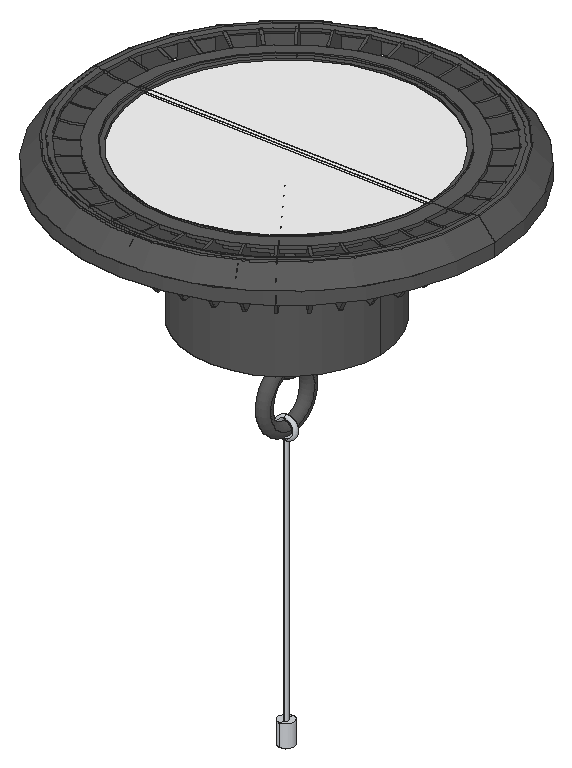
Revit family "0039345 Feilo Sylvania Lighting Fixture START HIGHBAY 4K 19KLM MEDIUM pendant", category Lighting Fixtures, host Face, Revit 2017
Family settings
  Host = Face
  Round Connector Dimension = Use Diameter
  Part Type = Normal
  OmniClass Number = 23.80.70.00
  OmniClass Title = Lighting
  Cut with Voids When Loaded = No
  Light Source = Yes
  Shared = No
  Room Calculation Point = No
Parameters (values of type "0039345 START HIGHBAY 4K 19KLM MEDIUM ")
  WidthStraight_FEILO = if(SizeS_FEILO, 3 mm, if(SizeM_FEILO, 4 mm, 4.7 mm))  # 3 mm
  WidthRingChamfer_FEILO = if(SizeS_FEILO, 10.3 mm, if(SizeM_FEILO, 11.2 mm, 12.9 mm))  # 10.3 mm
  WidthCurved_FEILO = if(SizeS_FEILO, 17.4 mm, if(SizeM_FEILO, 16.4 mm, 26.2 mm))  # 17.4 mm
  WidthCurvedRing_FEILO = if(SizeS_FEILO, 3 mm, if(SizeM_FEILO, 4 mm, 4.7 mm))  # 3 mm
  WidthBracket_FEILO = 40 mm
  Weight = "3.4 kg"
  Wattage Comments = ""
  Wattage = 150 W
  WarrantyStartDate [instance] = "n/a"
  WarrantyGuarantorParts = "n/a"
  WarrantyDurationUnit = "n/a"
  WarrantyDurationParts = "n/a"
  WarrantyDescription = "n/a"
  built-in parameter 1150110 = 1 (stored number, unit not read)
  Voltage = 230 V
  VisibilityBracket_FEILO = no
  URL = "http://www.sylvania-lighting.com"
  TypeName = "START HIGHBAY 4K 19KLM MEDIUM"
  Type Image = <None>
  Type Comments = "n/a"
  built-in parameter 1114217 = 1 (stored number, unit not read)
  Tilt Angle = -90.00°
  ThicknessWall_FEILO = 1.5 mm
  ThicknessBracket_FEILO = 1.5 mm
  ThicknessBracketHalf_FEILO = ThicknessBracket_FEILO / 2  # 0.75 mm
  built-in parameter 1150109 = 1 (stored number, unit not read)
  built-in parameter 1150134 = 12
  SuspensionHeight_FEILO [instance] = 350 mm
  built-in parameter 1150113 = 1 (stored number, unit not read)
  SizeS_FEILO = yes
  SizeM_FEILO = yes
  SerialNumber [instance] = "n/a"
  Rib4_FEILO = if(SizeS_FEILO, 18.1 mm, if(SizeM_FEILO, 13.6 mm, 14.6 mm))  # 18.1 mm
  Rib3_FEILO = if(SizeS_FEILO, 15.3 mm, if(SizeM_FEILO, 17.6 mm, 20.2 mm))  # 15.3 mm
  Rib2_FEILO = if(SizeS_FEILO, 3.6 mm, if(SizeM_FEILO, 3.9 mm, 4.5 mm))  # 3.6 mm
  Rib1_FEILO = if(SizeS_FEILO, 15.1 mm, if(SizeM_FEILO, 16.5 mm, 19 mm))  # 15.1 mm
  RadiusDiffuser_FEILO = if(SizeS_FEILO, 95.2 mm, if(SizeM_FEILO, 105.3 mm, 120 mm))  # 95.2 mm
  RadiusArrayPost_FEILO = DriverRadius_FEILO - 6 mm  # 55.4 mm
  RHRadius3_FEILO = if(SizeS_FEILO, 6.6 mm, if(SizeM_FEILO, 7.4 mm, 8.6 mm))  # 6.6 mm
  RHRadius2_FEILO = if(SizeS_FEILO, 11 mm, if(SizeM_FEILO, 12 mm, 14 mm))  # 11 mm
  RHRadius1_FEILO = if(SizeS_FEILO, 13.6 mm, if(SizeM_FEILO, 14.9 mm, 17.7 mm))  # 13.6 mm
  RHHeight4_FEILO = if(SizeS_FEILO, 7.3 mm, if(SizeM_FEILO, 8 mm, 9.2 mm))  # 7.3 mm
  RHHeight3_FEILO = if(SizeS_FEILO, 3.6 mm, if(SizeM_FEILO, 3.7 mm, 4.6 mm))  # 3.6 mm
  RHHeight2_FEILO = if(SizeS_FEILO, 2 mm, if(SizeM_FEILO, 2.2 mm, 2.6 mm))  # 2 mm
  RHHeight1_FEILO = if(SizeS_FEILO, 11.8 mm, if(SizeM_FEILO, 15.3 mm, 17.4 mm))  # 11.8 mm
  Photometric Web File = "0039345.ies"
  Material_3_FEILO = LED-Sylvania-StartHighbay-Glow
  PowerFactor = 0.95
  PowerConsumption = "150 W"
  NominalLength = 296 mm
  NominalHeight = 177 mm
  NominalDepth = 296 mm
  Name = "START HIGHBAY 4K 19KLM MEDIUM"
  ModelReference = Name  # "START HIGHBAY 4K 19KLM MEDIUM"
  ModelNumber = "0039345"
  Model = Name  # "START HIGHBAY 4K 19KLM MEDIUM"
  Material = "aluminium alloy housing, polycarbonate diffuser"
  ManufacturerName = "Feilo Sylvania"
  Manufacturer = "Feilo Sylvania"
  LuminousEfficacy = "130 lm/W"
  built-in parameter 1150105 = 24120.8 (stored number, unit not read)
  Lumens = 19500 lm
  LuminaireType = ""
  built-in parameter 1150115 = 1 (stored number, unit not read)
  LightOutputRatio = "n/a"
  built-in parameter 1150137 = (empty or 0)
  built-in parameter 1150139 = (empty or 0)
  LampsType = Lamp  # "LED"
  LampNominalLuminous = "19500 lm"
  LampMacAdamStep = "n/a"
  LampColourTemperature = "4000 K"
  LampColourRenderingIndex = "80"
  built-in parameter 1150112 = 1 (stored number, unit not read)
  built-in parameter 1150114 = 1 (stored number, unit not read)
  Lamp = "LED"
  Keynote = "16500"
  InstallationDate [instance] = "n/a"
  InputVoltage = "220-240V~"
  InputNominalFrequency = "50/60 Hz"
  built-in parameter 1150132 = (empty or 0)
  built-in parameter 1150102 = (empty or 0)
  built-in parameter 1150107 = 4000 (stored number, unit not read)
  built-in parameter 1150138 = (empty or 0)
  IngressProtection = "IP65"
  ImpactProtectionIndex = "IK08"
  built-in parameter 1150106 = 241.21 (stored number, unit not read)
  IfcExportType = "IfcLightFixtureType"
  IfcExportAs = "IfcLightFixtureType"
  HeightRing_FEILO = if(SizeS_FEILO, 19.8 mm, if(SizeM_FEILO, 32 mm, 36.8 mm))  # 19.8 mm
  HeightRingChamfer_FEILO = if(SizeS_FEILO, 11.7 mm, if(SizeM_FEILO, 23.2 mm, 26.6 mm))  # 11.7 mm
  EyeThickness_FEILO = if(SizeS_FEILO, 8.4 mm, if(SizeM_FEILO, 9.2 mm, 10.5 mm))  # 8.4 mm
  EyeThicknessHalf_FEILO = EyeThickness_FEILO / 2  # 4.2 mm
  EyeInner_FEILO = if(SizeS_FEILO, 13.8 mm, if(SizeM_FEILO, 15.1 mm, 17.3 mm))  # 13.8 mm
  ExpectedLife = 50000
  Emit from Circle Diameter = RadiusDiffuser_FEILO * 2  # 190.4 mm
  Emit Shape Visible in Rendering = no
  ElectricShockClassification = "Class I"
  built-in parameter 1150104 = 12.077 (stored number, unit not read)
  DurationUnit = "hours"
  DriverVerticalStraight_FEILO = if(SizeS_FEILO, 46.5 mm, if(SizeM_FEILO, 49.7 mm, 57 mm))  # 46.5 mm
  DriverVerticalChamfer_FEILO = if(SizeS_FEILO, 7.5 mm, if(SizeM_FEILO, 8.2 mm, 9.5 mm))  # 7.5 mm
  DriverRadius_FEILO = if(SizeS_FEILO, 61.4 mm, if(SizeM_FEILO, 67.2 mm, 76.4 mm))  # 61.4 mm
  DriverRadiusTop_FEILO = if(SizeS_FEILO, 42 mm, if(SizeM_FEILO, 45.3 mm, 52.4 mm))  # 42 mm
  DriverBottom_FEILO = if(SizeS_FEILO, 56 mm, if(SizeM_FEILO, 64.5 mm, 74 mm))  # 56 mm
  DocumentationLiterature = "http://www.sylvania-lighting.com/product/en-int/products/0039345"
  DimmingControlOptions = "n/a"
  Material_2_FEILO = Diffuser-Sylvania-StartHighbay-Transparent
  Radius_FEILO = if(SizeS_FEILO, 135 mm, if(SizeM_FEILO, 148 mm, 169.5 mm))  # 135 mm
  Dimming Lamp Color Temperature Shift = <None>
  DiameterWire_FEILO = 3 mm
  DiameterWireSupport_FEILO = 10 mm
  Description = "START HIGHBAY, includes 1 m cables, black aluminium housing, 19500LM, 150W, 130lm/W, 4000K, Driver current: 3210mA, CR80, 60° beam angle, 1-10V dimmable,  IP65, IK08, 50,000 hrs (L70B50), (LxWxH) 296x296x177mm"
  Default Elevation = 1219.2 mm
  CreatedOn = "2/28/2018"
  CreatedBy = ""
  Cost = 0
  Color Filter = 16777215
  built-in parameter 1114216 [instance] = (empty or 0)
  ClassificationValue = "EF_70_80"
  ClassificationName = "Uniclass2015"
  Material_1_FEILO = Body-Sylvania-StartHighbay-Black
  BarCode [instance] = "n/a"
  built-in parameter 1114218 = 1 (stored number, unit not read)
  built-in parameter 1150133 = 10 (stored number, unit not read)
  AssetType = "Fixed"
  AssetIdentifier [instance] = "n/a"
  Assembly Code = "D5020200"
  Apparent Load = 150 VA
  Material_4_FEILO = none
Reference planes
  plane 1 "Center (Front/Back)": y = 0
  plane 2: z = 0
  plane 3 "Center (Left/Right)": x = 0
  plane 4: z = 350
  plane 5: x = -135
  plane 6: x = -124.7
  plane 7: z = 338.3
  plane 8: z = 330.2
  plane 9: x = -121.7
  plane 10: z = 347.375
  plane 11: x = -104.3
  plane 12: x = -95.2
  plane 13: x = -118.7
  plane 14: z = 348.375
  plane 15: z = 346.375
  plane 16: x = -92.2
  plane 17: z = 345.375
  plane 18: x = -133.5
  plane 19: x = -119.9
  plane 20: z = 326.6
  plane 21: x = -104.6
  plane 22: z = 308.5
  plane 23: x = -20
  plane 24: z = 294
  plane 25: x = -61.4
  plane 26: z = 247.5
  plane 27: x = -42
  plane 28: z = 240
  plane 29: x = -13.6
  plane 30: z = 228.2
  plane 31: z = 226.2
  plane 32: x = -11
  plane 33: z = 222.6
  plane 34: z = 215.3
  plane 35: x = -6.6
  plane 36: z = 201.5
  plane 37: z = 187.7
  plane 38: x = 4.2
  plane 39: x = -4.2
  plane 40: z = 179.3
  plane 41: z = 183.5
  plane 42: x = -129.1
  plane 43: x = -132.5
  plane 44: z = 328.7
  plane 45: x = -123.2
  plane 46: z = 270.75
  plane 47: y = -20
  plane 48: y = 20
  plane 49: x = 135
  plane 50: x = 124.7
  plane 51: x = 133.5
  plane 52: x = 129.1
  plane 53: x = 132.5
  plane 54: x = 123.2
  plane 55: z = 190.7
  plane 56: y = 1.5
  plane 57: y = -1.5
  plane 58: z = 189.2
  plane 59: z = 177.8
  plane 60: z = 176.3
  plane 61: y = -5
  plane 62: y = 5
  plane 63: z = 14
Forms (mm)
  Revolve 1, solid, material "Body-Sylvania-StartHighbay-Black" <- "Material_1_FEILO", detail levels medium+fine
    sketch origin (0, 0, 0) x (1, 0, 0) y (0, 0, 1)
      loop
        line (-135, 330.2) -> (-133.5, 330.2) -> (-133.5, 337.734) -> (-125.012, 347.375) -> (-118.7, 347.375) -> (-118.7, 349.16)
        arc (-118.7, 349.16) -> (-120.206, 349.56) -> (-121.7, 350) r 58.981
        line (-121.7, 350) -> (-124.241, 350)
        arc (-124.241, 350) -> (-124.657, 349.911) -> (-124.999, 349.66) r 1.015
        line (-124.999, 349.66) -> (-135, 338.3) -> (-135, 330.2)
      axis (0, 350) -> (0, 330.2)
    angle from 360 to 0
  Revolve 2, solid, material "Body-Sylvania-StartHighbay-Black" <- "Material_1_FEILO", detail levels medium+fine
    sketch origin (0, 0, 0) x (1, 0, 0) y (0, 0, 1)
      loop
        line (-104.3, 345.375) -> (-95.2, 345.375) -> (-95.2, 338.3) -> (0, 338.3) -> (0, 345.375) -> (-92.2, 345.375) -> (-92.2, 346.375) -> (-95.2, 346.375) -> (-95.2, 347.375) -> (-104.3, 347.375) -> (-104.3, 345.375)
      axis (0, 347.375) -> (0, 338.3)
    angle from 360 to 0
  Revolve 3, solid, material "Diffuser-Sylvania-StartHighbay-Transparent" <- "Material_2_FEILO", detail levels medium+fine
    sketch origin (0, 0, 0) x (1, 0, 0) y (0, 0, 1)
      loop
        line (-95.2, 346.375) -> (0, 346.375) -> (0, 348.375) -> (-95.2, 348.375) -> (-95.2, 346.375)
      axis (0, 348.375) -> (0, 346.375)
    angle from 360 to 0
  Revolve 4, solid, material "Body-Sylvania-StartHighbay-Black" <- "Material_1_FEILO"
    sketch origin (0, 0, 0) x (1, 0, 0) y (0, 0, 1)
      loop
        line (-61.4, 308.5) -> (-61.4, 247.5) -> (-42, 240) -> (-13.6, 240) -> (-13.6, 228.2) -> (-11, 226.2) -> (-11, 222.6) -> (-7.037, 216.026)
        arc (-7.037, 216.026) -> (-6.49, 215.494) -> (-5.753, 215.3) r 1.5
        line (-5.753, 215.3) -> (0, 215.3) -> (0, 308.5) -> (-61.4, 308.5)
      axis (0, 308.5) -> (0, 215.3)
    angle from 360 to 0
  Revolve 5, solid, material "Body-Sylvania-StartHighbay-Black" <- "Material_1_FEILO"
    sketch origin (0, 0, 0) x (1, 0, 0) y (0, 0, 1)
      loop
        circle (0, 183.5) r 4.2
      axis (4.2, 201.5) -> (-4.2, 201.5)
    angle from 360 to 0
  Extrusion 6, solid, material "Body-Sylvania-StartHighbay-Black" <- "Material_1_FEILO", visible <- "VisibilityBracket_FEILO"
    sketch origin (0, 0, 0) x (1, 0, 0) y (0, 0, 1)
      loop
        line (-132.5, 330.2) -> (-132.5, 328.7) -> (-125.45, 328.7)
        arc (-125.45, 328.7) -> (-124.92, 328.48) -> (-124.7, 327.95) r 0.75
        line (-124.7, 327.95) -> (-124.7, 270.75) -> (-123.2, 270.75) -> (-123.2, 328.7)
        arc (-123.2, 328.7) -> (-123.639, 329.761) -> (-124.7, 330.2) r 1.5
        line (-124.7, 330.2) -> (-132.5, 330.2)
      loop
        line (132.5, 330.2) -> (124.7, 330.2)
        arc (124.7, 330.2) -> (123.639, 329.761) -> (123.2, 328.7) r 1.5
        line (123.2, 328.7) -> (123.2, 270.75) -> (124.7, 270.75) -> (124.7, 327.95)
        arc (124.7, 327.95) -> (124.92, 328.48) -> (125.45, 328.7) r 0.75
        line (125.45, 328.7) -> (132.5, 328.7) -> (132.5, 330.2)
    from -20 to 20
  Extrusion 7, void
    sketch origin (0, 0, 0) x (0, 1, 0) y (0, 0, 1)
      loop
        arc (-10, 270.75) -> (-17.071, 273.679) -> (-20, 280.75) r 10
        line (-20, 280.75) -> (-25, 280.75) -> (-25, 265.75) -> (-10, 265.75) -> (-10, 270.75)
      loop
        line (10, 270.75) -> (10, 265.75) -> (25, 265.75) -> (25, 280.75) -> (20, 280.75)
        arc (20, 280.75) -> (17.071, 273.679) -> (10, 270.75) r 10
    from -124.7 to 124.7
  Revolve 8, solid, material "Body-Sylvania-StartHighbay-Black" <- "Material_1_FEILO", detail levels coarse
    sketch origin (0, 0, 0) x (1, 0, 0) y (0, 0, 1)
      loop
        line (0, 350) -> (-124.7, 350) -> (-135, 338.3) -> (-135, 330.2) -> (-119.9, 330.2) -> (-119.9, 326.6) -> (-104.6, 308.5) -> (0, 308.5) -> (0, 350)
      axis (0, 350) -> (0, 308.5)
    angle from 360 to 0
  Revolve 9, solid
    sketch origin (0, 0, 0) x (0, 1, 0) y (0, 0, 1)
      loop
        circle (0, 189.2) r 1.5
      axis (1.5, 183.5) -> (-1.5, 183.5)
    angle from 360 to 0
  Revolve 10, solid
    sketch origin (0, 0, 0) x (0, 1, 0) y (0, 0, 1)
      loop
        line (0, 0) -> (0, 177.8) -> (-1.5, 177.8) -> (-1.5, 14) -> (-5, 14) -> (-5, 0) -> (0, 0)
      axis (0, 0) -> (0, 177.8)
    angle from 360 to 0
Cuts and joins
  Extrusion 7 cuts Extrusion 6
Lines and regions (mm)
  reference lines
    curve 1: line (-135, 0, 338.3) -> (-124.7, 0, 350)
    curve 2: line (-104.3, 0, 347.375) -> (0, 0, 347.375)
    curve 3: arc (-104.3, 0, 347.375) -> (-113.098, 0, 348.035) -> (-121.7, 0, 350) r 58.981
    curve 4: line (-124.7, 0, 350) -> (-121.7, 0, 350)
    curve 5: line (-125.012, 0, 347.375) -> (-133.5, 0, 337.734)
    curve 6: line (-119.9, 0, 326.6) -> (-104.6, 0, 308.5)
    curve 7: line (-11, 0, 222.6) -> (-6.6, 0, 215.3)
    curve 8: circle (0, 0, 183.5) r 4.2 normal (0, -1, 0)
Dimensions and locks
  "Radius_FEILO": plane 3 "Center (Left/Right)" to plane 5
  "WidthRingChamfer_FEILO": plane 6 to plane 5
  "WidthStraight_FEILO": plane 9 to plane 6
  "WidthCurvedRing_FEILO": plane 13 to plane 9
  locked: plane 10 to plane 15 at 1
  locked: plane 14 to plane 10 at 1
  locked: plane 4 to plane 10 at 2.625
  locked: plane 15 to plane 17 at 1
  "ThicknessWall_FEILO": plane 18 to plane 5
  "ThicknessWall_FEILO": curve 5 to curve 1
  "HeightRingChamfer_FEILO": plane 4 to plane 7
  "HeightRing_FEILO": plane 4 to plane 8
  "RadiusDiffuser_FEILO": plane 3 "Center (Left/Right)" to plane 12
  locked: plane 16 to plane 12 at 3
  "WidthCurved_FEILO": plane 11 to plane 9
  "SuspensionHeight_FEILO": plane 4 to plane 2
  "Rib1_FEILO": plane 19 to plane 5
  "Rib2_FEILO": plane 8 to plane 20
  "Rib3_FEILO": plane 21 to plane 19
  "Rib4_FEILO": plane 20 to plane 22
  locked: plane 3 "Center (Left/Right)" to plane 23 at 20
  "DriverBottom_FEILO": plane 4 to plane 24
  "DriverRadius_FEILO": plane 3 "Center (Left/Right)" to plane 25
  "DriverVerticalStraight_FEILO": plane 24 to plane 26
  "DriverRadiusTop_FEILO": plane 3 "Center (Left/Right)" to plane 27
  "DriverVerticalChamfer_FEILO": plane 26 to plane 28
  "RHRadius1_FEILO": plane 3 "Center (Left/Right)" to plane 29
  "RHHeight2_FEILO": plane 30 to plane 31
  "RHRadius2_FEILO": plane 3 "Center (Left/Right)" to plane 32
  "RHHeight3_FEILO": plane 31 to plane 33
  "RHHeight4_FEILO": plane 33 to plane 34
  "RHRadius3_FEILO": plane 3 "Center (Left/Right)" to plane 35
  "RHHeight1_FEILO": plane 28 to plane 30
  "EyeInner_FEILO": plane 34 to plane 36
  "EyeInner_FEILO": plane 36 to plane 37
  equal spacing: plane 38, plane 3 "Center (Left/Right)", plane 39
  "EyeThickness_FEILO": plane 38 to plane 39
  "EyeThickness_FEILO": plane 37 to plane 40
  equal spacing: plane 37, plane 41, plane 40
  equal spacing: plane 6, plane 42, plane 18
  "ThicknessBracket_FEILO": plane 45 to plane 6
  "ThicknessBracket_FEILO": plane 8 to plane 44
  locked: plane 43 to plane 18 at 1
  equal spacing: plane 24, plane 46, plane 26
  equal spacing: plane 47, plane 1 "Center (Front/Back)", plane 48
  "WidthBracket_FEILO": plane 47 to plane 48
  "WidthRingChamfer_FEILO": plane 50 to plane 49
  "ThicknessWall_FEILO": plane 51 to plane 49
  equal spacing: plane 50, plane 52, plane 51
  "ThicknessBracket_FEILO": plane 54 to plane 50
  locked: plane 53 to plane 51 at 1
  "Radius_FEILO": plane 49 to plane 3 "Center (Left/Right)"
  equal spacing: plane 57, imposter light, plane 56
  "DiameterWire_FEILO": plane 57 to plane 56
  "DiameterWire_FEILO": plane 37 to plane 55
  equal spacing: plane 37, plane 58, plane 55
  "DiameterWire_FEILO": plane 60 to plane 40
  equal spacing: plane 60, plane 59, plane 40
  equal spacing: plane 61, plane 1 "Center (Front/Back)", plane 62
  "DiameterWireSupport_FEILO": plane 61 to plane 62
  locked: plane 63 to plane 2 at 14
  "EyeThicknessHalf_FEILO": radius of curve 8
  "ThicknessBracket_FEILO": radius of Extrusion 6 sketch curve  (x2)
  "ThicknessBracketHalf_FEILO": radius of Extrusion 6 sketch curve  (x2)
  "DiameterWire_FEILO": diameter of Revolve 9 sketch curve
  aligned and locked: plane 2 to host face
  aligned and locked: level to host face
  aligned and locked: plane 5 to curve 1
  aligned and locked: plane 6 to curve 1
  aligned and locked: plane 7 to curve 1
  aligned and locked: plane 10 to curve 2
  aligned and locked: plane 9 to curve 3
  aligned and locked: plane 4 to curve 3
  aligned and locked: plane 11 to curve 3
  aligned and locked: plane 4 to curve 4
  aligned and locked: plane 18 to curve 5
  aligned and locked: plane 10 to curve 5
  aligned and locked: Revolve 1 sketch curve to plane 3 "Center (Left/Right)"
  aligned and locked: Revolve 1 sketch curve to curve 3
  aligned and locked: Revolve 1 sketch curve to curve 1
  aligned and locked: plane 4 to Revolve 1 sketch curve
  aligned and locked: plane 9 to Revolve 1 sketch curve
  aligned and locked: Revolve 1 sketch curve to plane 13
  aligned and locked: Revolve 1 sketch curve to plane 10
  aligned and locked: plane 13 to Revolve 1 sketch curve
  aligned and locked: plane 10 to Revolve 1 sketch curve
  aligned and locked: Revolve 1 sketch curve to plane 18
  aligned and locked: Revolve 1 sketch curve to plane 8
  aligned and locked: plane 5 to Revolve 1 sketch curve  (x2)
  aligned and locked: Revolve 2 sketch curve to plane 3 "Center (Left/Right)"
  aligned and locked: plane 11 to Revolve 2 sketch curve
  aligned and locked: Revolve 2 sketch curve to curve 2
  aligned and locked: plane 15 to Revolve 2 sketch curve
  aligned and locked: Revolve 2 sketch curve to plane 16
  aligned and locked: plane 17 to Revolve 2 sketch curve  (x2)
  aligned and locked: Revolve 2 sketch curve to plane 12
  aligned and locked: plane 7 to Revolve 2 sketch curve
  aligned and locked: Revolve 3 sketch curve to plane 3 "Center (Left/Right)"
  aligned and locked: Revolve 3 sketch curve to plane 14
  aligned and locked: plane 3 "Center (Left/Right)" to Revolve 3 sketch curve
  aligned and locked: Revolve 3 sketch curve to plane 12
  aligned and locked: plane 15 to Revolve 3 sketch curve
  aligned and locked: Revolve 1 sketch curve to curve 5
  aligned and locked: plane 22 to curve 6
  aligned and locked: plane 21 to curve 6
  aligned and locked: plane 20 to curve 6
  aligned and locked: plane 19 to curve 6
  aligned and locked: plane 33 to curve 7
  aligned and locked: plane 32 to curve 7
  aligned and locked: plane 35 to curve 7
  aligned and locked: plane 34 to curve 7
  aligned and locked: Revolve 4 sketch curve to plane 3 "Center (Left/Right)"
  aligned and locked: Revolve 4 sketch curve to plane 25
  aligned and locked: plane 27 to Revolve 4 sketch curve
  aligned and locked: plane 28 to Revolve 4 sketch curve
  aligned and locked: plane 30 to Revolve 4 sketch curve
  aligned and locked: Revolve 4 sketch curve to plane 29
  aligned and locked: plane 31 to Revolve 4 sketch curve
  aligned and locked: Revolve 4 sketch curve to curve 7
  aligned and locked: Revolve 4 sketch curve to plane 32
  aligned and locked: plane 34 to Revolve 4 sketch curve
  aligned and locked: plane 3 "Center (Left/Right)" to Revolve 4 sketch curve
  aligned and locked: plane 3 "Center (Left/Right)" to curve 8
  aligned and locked: plane 41 to curve 8
  aligned and locked: Revolve 5 sketch curve to plane 36
  aligned and locked: Revolve 5 sketch curve to curve 8
  aligned and locked: plane 43 to Extrusion 6 sketch curve  (x2)
  aligned and locked: plane 8 to Extrusion 6 sketch curve  (x3)
  aligned and locked: Extrusion 6 sketch curve to plane 45
  aligned and locked: Extrusion 6 sketch curve to plane 46  (x2)
  aligned and locked: plane 6 to Extrusion 6 sketch curve
  aligned and locked: Extrusion 6 sketch curve to plane 44  (x2)
  aligned and locked: Extrusion 6 to plane 48
  aligned and locked: plane 47 to Extrusion 6
  aligned and locked: plane 53 to Extrusion 6 sketch curve
  aligned and locked: plane 50 to Extrusion 6 sketch curve
  aligned and locked: Extrusion 6 sketch curve to plane 54
  aligned and locked: Extrusion 7 sketch curve to Extrusion 7 sketch curve
  aligned and locked: Extrusion 7 to plane 6
  aligned and locked: Extrusion 7 to Extrusion 6
  aligned and locked: Revolve 4 sketch curve to plane 22
  aligned and locked: plane 23 to nested 1
  aligned and locked: plane 1 "Center (Front/Back)" to nested 1
  aligned and locked: Revolve 8 sketch curve to plane 3 "Center (Left/Right)"
  aligned and locked: Revolve 8 sketch curve to plane 4
  aligned and locked: plane 6 to Revolve 8 sketch curve
  aligned and locked: plane 4 to Revolve 8 sketch curve
  aligned and locked: plane 7 to Revolve 8 sketch curve
  aligned and locked: Revolve 8 sketch curve to plane 5
  aligned and locked: plane 8 to Revolve 8 sketch curve  (x2)
  aligned and locked: Revolve 8 sketch curve to plane 19
  aligned and locked: plane 20 to Revolve 8 sketch curve
  aligned and locked: plane 19 to Revolve 8 sketch curve
  aligned and locked: plane 21 to Revolve 8 sketch curve
  aligned and locked: plane 22 to Revolve 8 sketch curve  (x2)
  aligned and locked: Revolve 8 sketch curve to Revolve 8 sketch curve
  aligned and locked: imposter light to plane 4
  aligned and locked: plane 3 "Center (Left/Right)" to imposter light
  aligned and locked: imposter light to plane 1 "Center (Front/Back)"
  aligned and locked: Revolve 9 sketch curve to plane 41
  aligned and locked: Revolve 10 sketch curve to plane 1 "Center (Front/Back)"
  aligned and locked: plane 1 "Center (Front/Back)" to Revolve 10 sketch curve  (x2)
  aligned and locked: host face to Revolve 10 sketch curve
  aligned and locked: plane 63 to Revolve 10 sketch curve
  aligned and locked: Revolve 10 sketch curve to plane 61
  aligned and locked: Revolve 10 sketch curve to plane 57
  aligned and locked: plane 59 to Revolve 10 sketch curve
Automatic sketch dimensions
  host sketch curve to host sketch curve = 2438.4 mm  (x2)
  curve 2 to plane 3 "Center (Left/Right)" = 0 mm
  Revolve 1 sketch curve to plane 6 = 0.299 mm
  plane 6 to Revolve 1 sketch curve = 0.459 mm
  Revolve 1 sketch curve to level = 609.6 mm
  Revolve 1 sketch curve to Revolve 1 sketch curve = 2312.223 mm
  Revolve 2 sketch curve to plane 12 = 0 mm
  Revolve 2 sketch curve to plane 3 "Center (Left/Right)" = 0 mm
  Revolve 2 sketch curve to level = 609.6 mm
  Revolve 2 sketch curve to plane 4 = 2339.058 mm
  Revolve 3 sketch curve to level = 609.6 mm
  Revolve 3 sketch curve to plane 4 = 2339.058 mm
  Revolve 5 sketch curve to plane 5 = 1080 mm
  plane 38 to Revolve 5 sketch curve = 1219.2 mm
  Extrusion 7 sketch curve to plane 47 = 0 mm
  plane 46 to Extrusion 7 sketch curve = 0 mm  (x2)
  Extrusion 7 sketch curve to plane 48 = 0 mm
  plane 47 to Extrusion 7 sketch curve = 5 mm
  plane 1 "Center (Front/Back)" to Extrusion 7 sketch curve = 10 mm
  Extrusion 7 sketch curve to Extrusion 7 sketch curve = 10 mm
  plane 46 to Extrusion 7 sketch curve = 5 mm
  Extrusion 7 sketch curve to Extrusion 7 sketch curve = 5 mm
  Extrusion 7 sketch curve to plane 48 = 5 mm
  Revolve 4 sketch curve to plane 26 = 0 mm
  Revolve 4 sketch curve to plane 35 = 0.437 mm
  plane 35 to Revolve 4 sketch curve = 0.847 mm
  Revolve 4 sketch curve to plane 34 = 0.726 mm
  plane 40 to Revolve 4 sketch curve = 590.2 mm
  Revolve 4 sketch curve to plane 4 = 2339.058 mm
  Revolve 8 sketch curve to level = 609.6 mm
  Revolve 8 sketch curve to Revolve 8 sketch curve = 2386.058 mm
  Revolve 9 sketch curve to plane 1 "Center (Front/Back)" = 0 mm
  plane 58 to Revolve 9 sketch curve = 0 mm
  plane 47 to Revolve 9 sketch curve = 2534.941 mm
  Revolve 9 sketch curve to plane 48 = 2077.409 mm
  Revolve 10 sketch curve to Revolve 10 sketch curve = 609.6 mm
  Revolve 10 sketch curve to plane 4 = 2123.807 mm
Nested families
  nested 1: "Start Highbay Rib" at (0, 0, 347.375), type "Type Name", detail levels medium+fine
    with SuspensionHeight_FEILO 2.6 mm, SizeM_FEILO yes
  nested 2: "Start Highbay Rib" at (0, 0, 347.375) x (0.9877, 0.1564, 0) z (0, 0, 1), type "Type Name", detail levels medium+fine
    with SuspensionHeight_FEILO 2.6 mm, SizeM_FEILO yes
  nested 3: "Start Highbay Rib" at (0, 0, 347.375) x (0.9511, 0.309, 0) z (0, 0, 1), type "Type Name", detail levels medium+fine
    with SuspensionHeight_FEILO 2.6 mm, SizeM_FEILO yes
  nested 4: "Start Highbay Rib" at (0, 0, 347.375) x (0.891, 0.454, 0) z (0, 0, 1), type "Type Name", detail levels medium+fine
    with SuspensionHeight_FEILO 2.6 mm, SizeM_FEILO yes
  nested 5: "Start Highbay Rib" at (0, 0, 347.375) x (0.809, 0.5878, 0) z (0, 0, 1), type "Type Name", detail levels medium+fine
    with SuspensionHeight_FEILO 2.6 mm, SizeM_FEILO yes
  nested 6: "Start Highbay Rib" at (0, 0, 347.375) x (0.7071, 0.7071, 0) z (0, 0, 1), type "Type Name", detail levels medium+fine
    with SuspensionHeight_FEILO 2.6 mm, SizeM_FEILO yes
  nested 7: "Start Highbay Rib" at (0, 0, 347.375) x (0.5878, 0.809, 0) z (0, 0, 1), type "Type Name", detail levels medium+fine
    with SuspensionHeight_FEILO 2.6 mm, SizeM_FEILO yes
  nested 8: "Start Highbay Rib" at (0, 0, 347.375) x (0.454, 0.891, 0) z (0, 0, 1), type "Type Name", detail levels medium+fine
    with SuspensionHeight_FEILO 2.6 mm, SizeM_FEILO yes
  nested 9: "Start Highbay Rib" at (0, 0, 347.375) x (0.309, 0.9511, 0) z (0, 0, 1), type "Type Name", detail levels medium+fine
    with SuspensionHeight_FEILO 2.6 mm, SizeM_FEILO yes
  nested 10: "Start Highbay Rib" at (0, 0, 347.375) x (0.1564, 0.9877, 0) z (0, 0, 1), type "Type Name", detail levels medium+fine
    with SuspensionHeight_FEILO 2.6 mm, SizeM_FEILO yes
  nested 11: "Start Highbay Rib" at (0, 0, 347.375) x (0, 1, 0) z (0, 0, 1), type "Type Name", detail levels medium+fine
    with SuspensionHeight_FEILO 2.6 mm, SizeM_FEILO yes
  nested 12: "Start Highbay Rib" at (0, 0, 347.375) x (-0.1564, 0.9877, 0) z (0, 0, 1), type "Type Name", detail levels medium+fine
    with SuspensionHeight_FEILO 2.6 mm, SizeM_FEILO yes
  nested 13: "Start Highbay Rib" at (0, 0, 347.375) x (-0.309, 0.9511, 0) z (0, 0, 1), type "Type Name", detail levels medium+fine
    with SuspensionHeight_FEILO 2.6 mm, SizeM_FEILO yes
  nested 14: "Start Highbay Rib" at (0, 0, 347.375) x (-0.454, 0.891, 0) z (0, 0, 1), type "Type Name", detail levels medium+fine
    with SuspensionHeight_FEILO 2.6 mm, SizeM_FEILO yes
  nested 15: "Start Highbay Rib" at (0, 0, 347.375) x (-0.5878, 0.809, 0) z (0, 0, 1), type "Type Name", detail levels medium+fine
    with SuspensionHeight_FEILO 2.6 mm, SizeM_FEILO yes
  nested 16: "Start Highbay Rib" at (0, 0, 347.375) x (-0.7071, 0.7071, 0) z (0, 0, 1), type "Type Name", detail levels medium+fine
    with SuspensionHeight_FEILO 2.6 mm, SizeM_FEILO yes
  nested 17: "Start Highbay Rib" at (0, 0, 347.375) x (-0.809, 0.5878, 0) z (0, 0, 1), type "Type Name", detail levels medium+fine
    with SuspensionHeight_FEILO 2.6 mm, SizeM_FEILO yes
  nested 18: "Start Highbay Rib" at (0, 0, 347.375) x (-0.891, 0.454, 0) z (0, 0, 1), type "Type Name", detail levels medium+fine
    with SuspensionHeight_FEILO 2.6 mm, SizeM_FEILO yes
  nested 19: "Start Highbay Rib" at (0, 0, 347.375) x (-0.9511, 0.309, 0) z (0, 0, 1), type "Type Name", detail levels medium+fine
    with SuspensionHeight_FEILO 2.6 mm, SizeM_FEILO yes
  nested 20: "Start Highbay Rib" at (0, 0, 347.375) x (-0.9877, 0.1564, 0) z (0, 0, 1), type "Type Name", detail levels medium+fine
    with SuspensionHeight_FEILO 2.6 mm, SizeM_FEILO yes
  nested 21: "Start Highbay Rib" at (0, 0, 347.375) x (-1, 0, 0) z (0, 0, 1), type "Type Name", detail levels medium+fine
    with SuspensionHeight_FEILO 2.6 mm, SizeM_FEILO yes
  nested 22: "Start Highbay Rib" at (0, 0, 347.375) x (-0.9877, -0.1564, 0) z (0, 0, 1), type "Type Name", detail levels medium+fine
    with SuspensionHeight_FEILO 2.6 mm, SizeM_FEILO yes
  nested 23: "Start Highbay Rib" at (0, 0, 347.375) x (-0.9511, -0.309, 0) z (0, 0, 1), type "Type Name", detail levels medium+fine
    with SuspensionHeight_FEILO 2.6 mm, SizeM_FEILO yes
  nested 24: "Start Highbay Rib" at (0, 0, 347.375) x (-0.891, -0.454, 0) z (0, 0, 1), type "Type Name", detail levels medium+fine
    with SuspensionHeight_FEILO 2.6 mm, SizeM_FEILO yes
  nested 25: "Start Highbay Rib" at (0, 0, 347.375) x (-0.809, -0.5878, 0) z (0, 0, 1), type "Type Name", detail levels medium+fine
    with SuspensionHeight_FEILO 2.6 mm, SizeM_FEILO yes
  nested 26: "Start Highbay Rib" at (0, 0, 347.375) x (-0.7071, -0.7071, 0) z (0, 0, 1), type "Type Name", detail levels medium+fine
    with SuspensionHeight_FEILO 2.6 mm, SizeM_FEILO yes
  nested 27: "Start Highbay Rib" at (0, 0, 347.375) x (-0.5878, -0.809, 0) z (0, 0, 1), type "Type Name", detail levels medium+fine
    with SuspensionHeight_FEILO 2.6 mm, SizeM_FEILO yes
  nested 28: "Start Highbay Rib" at (0, 0, 347.375) x (-0.454, -0.891, 0) z (0, 0, 1), type "Type Name", detail levels medium+fine
    with SuspensionHeight_FEILO 2.6 mm, SizeM_FEILO yes
  nested 29: "Start Highbay Rib" at (0, 0, 347.375) x (-0.309, -0.9511, 0) z (0, 0, 1), type "Type Name", detail levels medium+fine
    with SuspensionHeight_FEILO 2.6 mm, SizeM_FEILO yes
  nested 30: "Start Highbay Rib" at (0, 0, 347.375) x (-0.1564, -0.9877, 0) z (0, 0, 1), type "Type Name", detail levels medium+fine
    with SuspensionHeight_FEILO 2.6 mm, SizeM_FEILO yes
  nested 31: "Start Highbay Rib" at (0, 0, 347.375) x (0, -1, 0) z (0, 0, 1), type "Type Name", detail levels medium+fine
    with SuspensionHeight_FEILO 2.6 mm, SizeM_FEILO yes
  nested 32: "Start Highbay Rib" at (0, 0, 347.375) x (0.1564, -0.9877, 0) z (0, 0, 1), type "Type Name", detail levels medium+fine
    with SuspensionHeight_FEILO 2.6 mm, SizeM_FEILO yes
  nested 33: "Start Highbay Rib" at (0, 0, 347.375) x (0.309, -0.9511, 0) z (0, 0, 1), type "Type Name", detail levels medium+fine
    with SuspensionHeight_FEILO 2.6 mm, SizeM_FEILO yes
  nested 34: "Start Highbay Rib" at (0, 0, 347.375) x (0.454, -0.891, 0) z (0, 0, 1), type "Type Name", detail levels medium+fine
    with SuspensionHeight_FEILO 2.6 mm, SizeM_FEILO yes
  nested 35: "Start Highbay Rib" at (0, 0, 347.375) x (0.5878, -0.809, 0) z (0, 0, 1), type "Type Name", detail levels medium+fine
    with SuspensionHeight_FEILO 2.6 mm, SizeM_FEILO yes
  nested 36: "Start Highbay Rib" at (0, 0, 347.375) x (0.7071, -0.7071, 0) z (0, 0, 1), type "Type Name", detail levels medium+fine
    with SuspensionHeight_FEILO 2.6 mm, SizeM_FEILO yes
  nested 37: "Start Highbay Rib" at (0, 0, 347.375) x (0.809, -0.5878, 0) z (0, 0, 1), type "Type Name", detail levels medium+fine
    with SuspensionHeight_FEILO 2.6 mm, SizeM_FEILO yes
  nested 38: "Start Highbay Rib" at (0, 0, 347.375) x (0.891, -0.454, 0) z (0, 0, 1), type "Type Name", detail levels medium+fine
    with SuspensionHeight_FEILO 2.6 mm, SizeM_FEILO yes
  nested 39: "Start Highbay Rib" at (0, 0, 347.375) x (0.9511, -0.309, 0) z (0, 0, 1), type "Type Name", detail levels medium+fine
    with SuspensionHeight_FEILO 2.6 mm, SizeM_FEILO yes
  nested 40: "Start Highbay Rib" at (0, 0, 347.375) x (0.9877, -0.1564, 0) z (0, 0, 1), type "Type Name", detail levels medium+fine
    with SuspensionHeight_FEILO 2.6 mm, SizeM_FEILO yes
Connectors
  electrical at (0, 0, 0), driven by "Apparent Load", driven by "PowerFactor", driven by "Voltage"
    settings: index 1, voltage 230 V, apparent load 150 VA, apparent load phase1 0 VA, apparent load phase2 0 VA, apparent load phase3 0 VA, power factor 0.95, load classification "Lighting", number of poles 1, system type 30, power factor state 1, is connector primary yes, connector utility no, sub classification motor no, connector description ""
Definition of nested family "Start Highbay Rib"
  Parameters (values of type "Type Name")
    WidthStraight_FEILO = if(SizeS_FEILO, 3 mm, if(SizeM_FEILO, 4 mm, 4.7 mm))  # 3 mm
    WidthRingChamfer_FEILO = if(SizeS_FEILO, 10.3 mm, if(SizeM_FEILO, 11.2 mm, 12.9 mm))  # 10.3 mm
    WidthCurved_FEILO = if(SizeS_FEILO, 17.4 mm, if(SizeM_FEILO, 16.4 mm, 26.2 mm))  # 17.4 mm
    WidthCurvedRing_FEILO = if(SizeS_FEILO, 3 mm, if(SizeM_FEILO, 4 mm, 4.7 mm))  # 3 mm
    WidthBracket_FEILO = 40 mm
    URL = "http://www.feilosylvania.com"
    Type Image = (empty or 0)
    Type Comments = "n/a"
    ThicknessWall_FEILO = 1.5 mm
    ThicknessBracket_FEILO = 1.5 mm
    ThicknessBracketHalf_FEILO = ThicknessBracket_FEILO / 2  # 0.75 mm
    SuspensionHeight_FEILO [instance] = 2.6 mm
    SizeS_FEILO = yes
    SizeM_FEILO = no
    Rib4_FEILO = if(SizeS_FEILO, 18.1 mm, if(SizeM_FEILO, 13.6 mm, 14.6 mm))  # 18.1 mm
    Rib3_FEILO = if(SizeS_FEILO, 15.3 mm, if(SizeM_FEILO, 17.6 mm, 20.2 mm))  # 15.3 mm
    Rib2_FEILO = if(SizeS_FEILO, 3.6 mm, if(SizeM_FEILO, 3.9 mm, 4.5 mm))  # 3.6 mm
    Rib1_FEILO = if(SizeS_FEILO, 15.1 mm, if(SizeM_FEILO, 16.5 mm, 19 mm))  # 15.1 mm
    RadiusRib_FEILO = 2 mm
    RadiusDiffuser_FEILO = if(SizeS_FEILO, 95.2 mm, if(SizeM_FEILO, 105.3 mm, 120 mm))  # 95.2 mm
    RHRadius3_FEILO = if(SizeS_FEILO, 6.6 mm, if(SizeM_FEILO, 7.4 mm, 8.6 mm))  # 6.6 mm
    RHRadius2_FEILO = if(SizeS_FEILO, 11 mm, if(SizeM_FEILO, 12 mm, 14 mm))  # 11 mm
    RHRadius1_FEILO = if(SizeS_FEILO, 13.6 mm, if(SizeM_FEILO, 14.9 mm, 17.7 mm))  # 13.6 mm
    RHHeight4_FEILO = if(SizeS_FEILO, 7.3 mm, if(SizeM_FEILO, 8 mm, 9.2 mm))  # 7.3 mm
    RHHeight3_FEILO = if(SizeS_FEILO, 3.6 mm, if(SizeM_FEILO, 3.7 mm, 4.6 mm))  # 3.6 mm
    RHHeight2_FEILO = if(SizeS_FEILO, 2 mm, if(SizeM_FEILO, 2.2 mm, 2.6 mm))  # 2 mm
    RHHeight1_FEILO = if(SizeS_FEILO, 11.8 mm, if(SizeM_FEILO, 15.3 mm, 17.4 mm))  # 11.8 mm
    Material_3_FEILO = none
    Model = ""
    Manufacturer = "Feilo Sylvania"
    Keynote = "16500"
    HeightRing_FEILO = if(SizeS_FEILO, 19.8 mm, if(SizeM_FEILO, 32 mm, 36.8 mm))  # 19.8 mm
    HeightRingChamfer_FEILO = if(SizeS_FEILO, 11.7 mm, if(SizeM_FEILO, 23.2 mm, 26.6 mm))  # 11.7 mm
    EyeThickness_FEILO = if(SizeS_FEILO, 8.4 mm, if(SizeM_FEILO, 9.2 mm, 10.5 mm))  # 8.4 mm
    EyeThicknessHalf_FEILO = EyeThickness_FEILO / 2  # 4.2 mm
    EyeInner_FEILO = if(SizeS_FEILO, 13.8 mm, if(SizeM_FEILO, 15.1 mm, 17.3 mm))  # 13.8 mm
    DriverVerticalStraight_FEILO = if(SizeS_FEILO, 46.5 mm, if(SizeM_FEILO, 49.7 mm, 57 mm))  # 46.5 mm
    DriverVerticalChamfer_FEILO = if(SizeS_FEILO, 7.5 mm, if(SizeM_FEILO, 8.2 mm, 9.5 mm))  # 7.5 mm
    DriverRadius_FEILO = if(SizeS_FEILO, 61.4 mm, if(SizeM_FEILO, 67.2 mm, 76.4 mm))  # 61.4 mm
    DriverRadiusTop_FEILO = if(SizeS_FEILO, 42 mm, if(SizeM_FEILO, 45.3 mm, 52.4 mm))  # 42 mm
    DriverBottom_FEILO = if(SizeS_FEILO, 56 mm, if(SizeM_FEILO, 64.5 mm, 74 mm))  # 56 mm
    Material_2_FEILO = none
    Radius_FEILO = if(SizeS_FEILO, 135 mm, if(SizeM_FEILO, 148 mm, 169.5 mm))  # 135 mm
    Description = ""
    Default Elevation = 1219.2 mm
    Cost = 0
    Material_1_FEILO = none
    Assembly Code = "D5020200"
    Material_4_FEILO = none
  Reference planes
    plane 1 "Center (Front/Back)": y = 0
    plane 2: z = 0
    plane 3 "Center (Left/Right)": x = 0
    plane 4: z = 2.6
    plane 5: x = -135
    plane 6: x = -124.7
    plane 7: z = -9.1
    plane 8: z = -17.2
    plane 9: x = -121.7
    plane 10: z = -0.025
    plane 11: x = -104.3
    plane 12: x = -95.2
    plane 13: x = -118.7
    plane 14: z = 0.975
    plane 15: z = -1.025
    plane 16: x = -92.2
    plane 17: z = -2.025
    plane 18: x = -133.5
    plane 19: x = -119.9
    plane 20: z = -20.8
    plane 21: x = -104.6
    plane 22: z = -38.9
    plane 23: x = -20
    plane 24: z = -53.4
    plane 25: x = -61.4
    plane 26: z = -99.9
    plane 27: x = -42
    plane 28: z = -107.4
    plane 29: x = -13.6
    plane 30: z = -119.2
    plane 31: z = -121.2
    plane 32: x = -11
    plane 33: z = -124.8
    plane 34: z = -132.1
    plane 35: x = -6.6
    plane 36: z = -145.9
    plane 37: z = -159.7
    plane 38: x = 4.2
    plane 39: x = -4.2
    plane 40: z = -168.1
    plane 41: z = -163.9
    plane 42: x = -129.1
    plane 43: x = -132.5
    plane 44: z = -18.7
    plane 45: x = -123.2
    plane 46: z = -76.65
    plane 47: y = -20
    plane 48: y = 20
    plane 49: x = 135
    plane 50: x = 124.7
    plane 51: x = 133.5
    plane 52: x = 129.1
    plane 53: x = 132.5
    plane 54: x = 123.2
    plane 55: y = 0.75
    plane 56: y = -0.75
  Forms (mm)
    Extrusion 1, solid
      sketch origin (4.2, 0, 0) x (1, 0, 0) y (0, 1, 0)
        loop
          line (-1219.2, 1219.2) -> (-1219.2, -1219.2) -> (1219.2, -1219.2) -> (1219.2, 1219.2) -> (-1219.2, 1219.2)
      from 0 to -68.017
    Extrusion 2, solid, material <- "Material_1_FEILO"
      sketch origin (0, 0, 0) x (1, 0, 0) y (0, 0, 1)
        loop
          arc (-104.3, -0.025) -> (-111.555, 0.423) -> (-118.7, 1.76) r 58.981
          line (-118.7, 1.76) -> (-118.7, -0.025) -> (-125.012, -0.025) -> (-133.5, -9.666) -> (-133.5, -17.2) -> (-119.9, -17.2) -> (-119.9, -20.068)
          arc (-119.9, -20.068) -> (-119.778, -20.755) -> (-119.427, -21.359) r 2
          line (-119.427, -21.359) -> (-104.966, -38.467)
          arc (-104.966, -38.467) -> (-104.381, -38.789) -> (-103.723, -38.9) r 2
          line (-103.723, -38.9) -> (-20, -38.9) -> (-20, -9.1) -> (-95.2, -9.1) -> (-95.2, -2.025) -> (-104.3, -2.025) -> (-104.3, -0.025)
      from -0.75 to 0.75
  Lines and regions (mm)
    reference lines
      curve 1: line (-135, 0, -9.1) -> (-124.7, 0, 2.6)
      curve 2: line (-104.3, 0, -0.025) -> (0, 0, -0.025)
      curve 3: arc (-104.3, 0, -0.025) -> (-113.098, 0, 0.635) -> (-121.7, 0, 2.6) r 58.981
      curve 4: line (-124.7, 0, 2.6) -> (-121.7, 0, 2.6)
      curve 5: line (-125.012, 0, -0.025) -> (-133.5, 0, -9.666)
      curve 6: line (-119.9, 0, -20.8) -> (-104.6, 0, -38.9)
  Dimensions and locks
    "Radius_FEILO": plane 3 "Center (Left/Right)" to plane 5
    "WidthRingChamfer_FEILO": plane 6 to plane 5
    "WidthStraight_FEILO": plane 9 to plane 6
    "WidthCurvedRing_FEILO": plane 13 to plane 9
    locked: plane 10 to plane 15 at 1
    locked: plane 14 to plane 10 at 1
    locked: plane 4 to plane 10 at 2.625
    locked: plane 15 to plane 17 at 1
    "ThicknessWall_FEILO": plane 18 to plane 5
    "ThicknessWall_FEILO": curve 5 to curve 1
    "HeightRingChamfer_FEILO": plane 4 to plane 7
    "HeightRing_FEILO": plane 4 to plane 8
    "RadiusDiffuser_FEILO": plane 3 "Center (Left/Right)" to plane 12
    locked: plane 16 to plane 12 at 3
    "WidthCurved_FEILO": plane 11 to plane 9
    "SuspensionHeight_FEILO": plane 4 to plane 2
    "Rib1_FEILO": plane 19 to plane 5
    "Rib2_FEILO": plane 8 to plane 20
    "Rib3_FEILO": plane 21 to plane 19
    "Rib4_FEILO": plane 20 to plane 22
    locked: plane 3 "Center (Left/Right)" to plane 23 at 20
    "DriverBottom_FEILO": plane 4 to plane 24
    "DriverRadius_FEILO": plane 3 "Center (Left/Right)" to plane 25
    "DriverVerticalStraight_FEILO": plane 24 to plane 26
    "DriverRadiusTop_FEILO": plane 3 "Center (Left/Right)" to plane 27
    "DriverVerticalChamfer_FEILO": plane 26 to plane 28
    "RHRadius1_FEILO": plane 3 "Center (Left/Right)" to plane 29
    "RHHeight2_FEILO": plane 30 to plane 31
    "RHRadius2_FEILO": plane 3 "Center (Left/Right)" to plane 32
    "RHHeight3_FEILO": plane 31 to plane 33
    "RHHeight4_FEILO": plane 33 to plane 34
    "RHRadius3_FEILO": plane 3 "Center (Left/Right)" to plane 35
    "RHHeight1_FEILO": plane 28 to plane 30
    "EyeInner_FEILO": plane 34 to plane 36
    "EyeInner_FEILO": plane 36 to plane 37
    equal spacing: plane 38, plane 3 "Center (Left/Right)", plane 39
    "EyeThickness_FEILO": plane 38 to plane 39
    "EyeThickness_FEILO": plane 37 to plane 40
    equal spacing: plane 37, plane 41, plane 40
    equal spacing: plane 6, plane 42, plane 18
    "ThicknessBracket_FEILO": plane 45 to plane 6
    "ThicknessBracket_FEILO": plane 8 to plane 44
    locked: plane 43 to plane 18 at 1
    equal spacing: plane 24, plane 46, plane 26
    equal spacing: plane 47, plane 1 "Center (Front/Back)", plane 48
    "WidthBracket_FEILO": plane 47 to plane 48
    "WidthRingChamfer_FEILO": plane 50 to plane 49
    "ThicknessWall_FEILO": plane 51 to plane 49
    equal spacing: plane 50, plane 52, plane 51
    "ThicknessBracket_FEILO": plane 54 to plane 50
    locked: plane 53 to plane 51 at 1
    "Radius_FEILO": plane 49 to plane 3 "Center (Left/Right)"
    equal spacing: plane 56, plane 1 "Center (Front/Back)", plane 55
    "ThicknessWall_FEILO": plane 56 to plane 55
    "RadiusRib_FEILO": radius of Extrusion 2 sketch curve  (x2)
    aligned and locked: plane 2 to Extrusion 1
    aligned and locked: level to Extrusion 1
    aligned and locked: plane 5 to curve 1
    aligned and locked: plane 6 to curve 1
    aligned and locked: plane 7 to curve 1
    aligned and locked: plane 10 to curve 2
    aligned and locked: plane 9 to curve 3
    aligned and locked: plane 4 to curve 3
    aligned and locked: plane 11 to curve 3
    aligned and locked: plane 4 to curve 4
    aligned and locked: plane 18 to curve 5
    aligned and locked: plane 10 to curve 5
    aligned and locked: plane 22 to curve 6
    aligned and locked: plane 21 to curve 6
    aligned and locked: plane 20 to curve 6
    aligned and locked: plane 19 to curve 6
    aligned and locked: Extrusion 2 sketch curve to plane 23
    aligned and locked: Extrusion 2 sketch curve to plane 22
    aligned and locked: Extrusion 2 sketch curve to curve 6
    aligned and locked: plane 19 to Extrusion 2 sketch curve
    aligned and locked: Extrusion 2 sketch curve to plane 8
    aligned and locked: Extrusion 2 sketch curve to curve 5
    aligned and locked: Extrusion 2 sketch curve to curve 3
    aligned and locked: Extrusion 2 to plane 55
    aligned and locked: plane 56 to Extrusion 2
    aligned and locked: curve 6 to Extrusion 2 sketch curve
  Automatic sketch dimensions
    Extrusion 1 sketch curve to Extrusion 1 sketch curve = 2438.4 mm  (x2)
    curve 2 to plane 3 "Center (Left/Right)" = 0 mm
    Extrusion 2 sketch curve to plane 18 = 0 mm
    Extrusion 2 sketch curve to plane 10 = 0 mm
    Extrusion 2 sketch curve to plane 13 = 0 mm
    Extrusion 2 sketch curve to plane 7 = 0 mm
    Extrusion 2 sketch curve to plane 12 = 0 mm
    Extrusion 2 sketch curve to plane 17 = 0 mm
    plane 19 to Extrusion 2 sketch curve = 0.473 mm
    Extrusion 2 sketch curve to plane 21 = 0.366 mm
